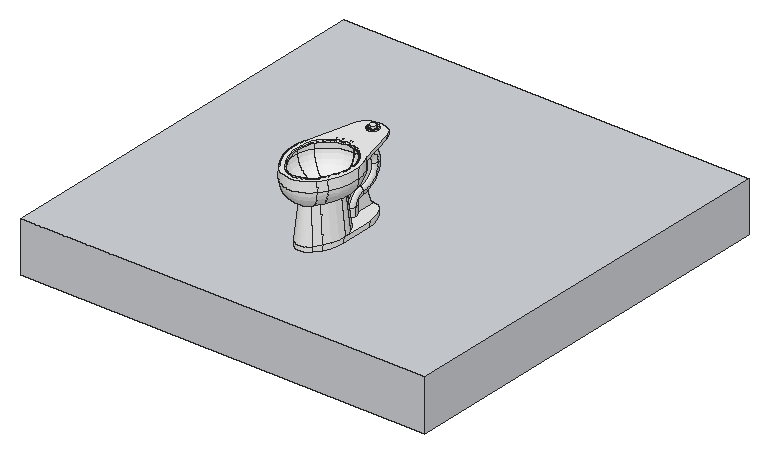
Revit family (continued)
Definition of nested family "Toilet-High_Efficiency_Bowl-Kohler-Highline-4405"
  Automatic sketch dimensions
    curve 3 to plane 28 = 0' - 0"
    curve 2 to plane 33 = 0' - 0"
    curve 1 to plane 34 = 0' - 0"
    curve 3 to plane 30 = 0' - 0 3/4"
    plane 32 to curve 1 = 0' - 0 1/4"
    curve 1 to plane 31 = 0' - 0 1/4"
    curve 4 to plane 4 "Left" = 0' - 0"
    curve 4 to plane 5 "Right" = 0' - 0"
    curve 5 to plane 11 = 0' - 0.12483"
    plane 85 to curve 5 = 0' - 0.98526"
    curve 5 to plane 86 = 0' - 1.01377"
    plane 35 to curve 4 = 0' - 1.2892"
    plane 87 to Masking region 7 sketch curve = 0' - 0.00968"
    Masking region 7 sketch curve to plane 5 "Right" = 0' - 0.05511"
    plane 27 to curve 17 = 0' - 0"
    plane 12 to curve 19 = 0' - 0"
    curve 21 to plane 10 = 0' - 0"
    plane 28 to curve 36 = 0' - 0"
    curve 29 to plane 11 = 0' - 0"
    plane 34 to curve 32 = 0' - 0"
    plane 33 to curve 35 = 0' - 0"
    curve 17 to plane 7 "Front of Bowl" = 0' - 0.25625"
    curve 31 to plane 7 "Front of Bowl" = 0' - 0.16291"
    curve 30 to curve 21 = 0' - 2.49089"
    curve 18 to plane 11 = 0' - 0.12483"
    plane 1 "Center (Front/Back)" to curve 15 = 0' - 0.52731"
    curve 14 to plane 11 = 0' - 0 33/256"
    curve 14 to plane 1 "Center (Front/Back)" = 0' - 0.75258"
    curve 14 to curve 15 = 0' - 0.0159"
    curve 21 to plane 1 "Center (Front/Back)" = 0' - 1.04095"
    curve 30 to plane 1 "Center (Front/Back)" = 0' - 1.47761"
    plane 10 to curve 25 = 0' - 1 1/4"
    curve 27 to plane 10 = 0' - 0.00365"
    curve 16 to plane 10 = 0' - 0.45303"
    curve 37 to plane 10 = 0' - 0.4546"
    curve 16 to plane 10 = 0' - 0.54638"
    curve 22 to plane 10 = 0' - 1 1/4"
    plane 11 to curve 28 = 0' - 0.26582"
    curve 24 to curve 24 = 0' - 0.80263"
    curve 28 to curve 23 = 0' - 0.051"
    curve 24 to curve 26 = 0' - 0.06535"
    curve 23 to curve 29 = 0' - 0.08746"
    curve 26 to curve 27 = 0' - 0.20932"
    curve 24 to curve 27 = 0' - 0.58086"
    plane 11 to curve 20 = 0' - 0.27985"
    curve 28 to curve 20 = 0' - 1.58658"
    curve 20 to curve 29 = 0' - 0.0238"
    curve 24 to curve 23 = 0' - 2.21582"
    plane 6 "Toilet Offset" to curve 36 = 0' - 3 1/2"
    curve 36 to curve 33 = 0' - 0 1/4"
    curve 33 to curve 32 = 0' - 0 1/4"
    plane 6 "Toilet Offset" to curve 19 = 0' - 2.99742"
    curve 32 to curve 33 = 0' - 0 1/4"
    curve 33 to curve 36 = 0' - 0 1/4"
    plane 6 "Toilet Offset" to curve 17 = 0' - 0.19359"
    curve 27 to plane 12 = 0' - 1.71039"
    curve 27 to curve 26 = 0' - 0.261"
    curve 26 to curve 24 = 0' - 0.09886"
    curve 25 to curve 30 = 0' - 0.04294"
    curve 24 to curve 23 = 0' - 0.39071"
    curve 27 to curve 26 = 0' - 0"
    plane 11 to curve 29 = 0' - 0.13872"
    curve 21 to curve 20 = 0' - 0"
    plane 35 to curve 37 = 0' - 0.73867"
    curve 37 to curve 15 = 0' - 0.55053"
Types (13): name | Wall Offset | Rough-In | Finish
  (no name) | 0' - 1 1/8" | 0' - 10" | Vitreous_China-Kohler-0-White
  Vitreous_China-7-Black_Black-12inch_Rough_In | 0' - 3 1/8" | 1' - 0" | Vitreous_China-Kohler-7-Black_Black
  Vitreous_China-33-Mexican_Sand-12inch_Rough_In | 0' - 3 1/8" | 1' - 0" | Vitreous_China-Kohler-33-Mexican_Sand
  Vitreous_China-47-Almond-10inch_Rough_In | 0' - 1 1/8" | 0' - 10" | Vitreous_China-Kohler-47-Almond
  Vitreous_China-96-Biscuit-12inch_Rough_In | 0' - 3 1/8" | 1' - 0" | Vitreous_China-Kohler-96-Biscuit
  Vitreous_China-G9-Sandbar-12inch_Rough_In | 0' - 3 1/8" | 1' - 0" | Vitreous_China-Kohler-G9-Sandbar
  Vitreous_China-0-White-10inch_Rough_In | 0' - 1 1/8" | 0' - 10" | Vitreous_China-Kohler-0-White
  Vitreous_China-0-White-12inch_Rough_In | 0' - 3 1/8" | 1' - 0" | Vitreous_China-Kohler-0-White
  Vitreous_China-33-Mexican_Sand-10inch_Rough_In | 0' - 1 1/8" | 0' - 10" | Vitreous_China-Kohler-33-Mexican_Sand
  Vitreous_China-47-Almond-12inch_Rough_In | 0' - 3 1/8" | 1' - 0" | Vitreous_China-Kohler-47-Almond
  Vitreous_China-7-Black_Black-10inch_Rough_In | 0' - 1 1/8" | 0' - 10" | Vitreous_China-Kohler-7-Black_Black
  Vitreous_China-96-Biscuit-10inch_Rough_In | 0' - 1 1/8" | 0' - 10" | Vitreous_China-Kohler-96-Biscuit
  Vitreous_China-G9-Sandbar-10inch_Rough_In | 0' - 1 1/8" | 0' - 10" | Vitreous_China-Kohler-G9-Sandbar
